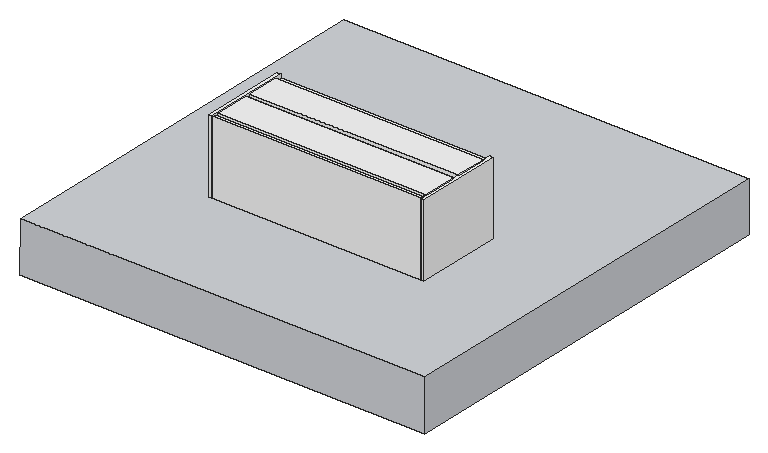
Revit family "IS_ConnectAir_E0824_BIM_DE", category Plumbing Fixtures, host Face, Revit 2014
Parameters (values of type "E0824B2 - Connect Air wall mounted double vanity unit with 4 drawer(Glossy White+Matt White)")
  WarrantyStartDate [instance] = "1900-12-31T23:59:59"
  WarrantyGuarantorParts = "n/a"
  WarrantyGuarantorLabor = "n/a"
  WarrantyDurationUnit = "year"
  WarrantyDurationParts = "n/a"
  WarrantyDurationLabor = "n/a"
  WarrantyDescription = "Manufacturers Warranty"
  VolumeUnits = "Litres"
  Version = "1"
  Uniclass2015Version = "Products v1.1"
  Uniclass2015Title = "Bathroom integrated furniture"
  Uniclass2015Code = "Pr_40_30_78_05"
  URL = "www.idealstandard.com"
  Type Comments = "n/a"
  TagNumber [instance] = "n/a"
  TMV3 = no
  SustainabilityPerformance = "n/a"
  SpareParts = "www.idealstandard.de/ersatzteile"
  Space = "Internal"
  Size = "1300x440x517mm"
  Shape = "Rectangular"
  SerialNumber [instance] = "n/a"
  Revision = "n/a"
  ReplacementCost = "n/a"
  ProductInformation = "www.idealstandard.de/produkte"
  Phone = "+49228 5210"
  NominalWidth = 1300 mm
  NominalLength = 440 mm
  NominalHeight = 517 mm
  NominalDepth = 0 mm
  NettWeight = "55,6 kg"
  Name = "BathroomIntegratedFurniture_ConnectAir_E0824B2_IdealStandard"
  NBSTypeID = "n/a"
  NBSReference = "45-35-72/320"
  NBSOfficeMasterTag = "n/a"
  NBSNote = "n/a"
  NBSDescription = "Bathroom integrated furniture"
  NBSCertification = "n/a"
  ModelReference = Description  # "E0824B2 Connect Air wall mounted double vanity unit with 4 drawer"
  ModelNumber = Model  # "E0824B2"
  ManufacturerURL = "www.idealstandard.com"
  MainColor = ISI_IdealStandard_Laminate_White_Render
  LinearUnits = "millimeters"
  Keynote = "n/a"
  InstallationInstructions = "www.idealstandard.de\\produkte"
  InstallationDate [instance] = "1900-12-31T23:59:59"
  InnerColor = ISI_IdealStandard_Laminate_White_Render
  IfcExportType = "FURNITURE"
  IfcExportAs = "IfcFurnitureType"
  Help = "idealstandard.de@idealstandard.com"
  GrossWeight = "0"
  Grade = "n/a"
  Finish = "Glossy White+Matt White"
  Features = "Connect Air wall mounted double vanity unit with 4 drawer"
  ExpectedLife = "25"
  DurationUnit = "year"
  CurrencyUnit = "n/a"
  CreatedOn = "2016-10-27"
  Constituents = "n/a"
  ConnectionType = "Mechanic"
  Color = "Glossy White+Matt White"
  CodePerformance = "n/a"
  Category = "FURNITURE"
  Reference = "n/a"
  Model = "E0824B2"
  Manufacturer = "idealstandard.de@idealstandard.com"
  Description = "E0824B2 Connect Air wall mounted double vanity unit with 4 drawer"
  Default Elevation = 800 mm
  Brand = "Ideal Standard"
  BarCode = "5017830519324"
  BIMObjectName = "ISI_IdealStandard_BathroomIntegratedFurniture_ConnectAir_E0824B2"
  Author = "Ideal Standard GmbH"
  AssetType = "Fixed"
  AssetIdentifier [instance] = "n/a"
  Assembly Code = "C1030200"
  AreaUnits = "millimeters"
  AreaMeasurement = "n/a"
  Accessories = "www.idealstandard.de\\ersatzteile"
  AccessibilityPerformance = "n/a"
Types (6, lengths in mm): name | Name | ModelReference | ModelNumber | MainColor | InnerColor | Finish | Color | Model | Description | BarCode | BIMObjectName
  E0824B2 - Connect Air wall mounted double vanity unit with 4 drawer(Glossy White+Matt White) | "BathroomIntegratedFurniture_ConnectAir_E0824B2_IdealStandard" | "E0824B2 Connect Air wall mounted double vanity unit with 4 drawer" | "E0824B2" | ISI_IdealStandard_Laminate_White_Render | ISI_IdealStandard_Laminate_White_Render | "Glossy White+Matt White" | "Glossy White+Matt White" | "E0824B2" | "E0824B2 Connect Air wall mounted double vanity unit with 4 drawer" | "5017830519324" | "ISI_IdealStandard_BathroomIntegratedFurniture_ConnectAir_E0824B2"
  E0824EQ - Connect Air wall mounted double vanity unit with 4 drawer(Glossy Light Grey+Matt White) | "BathroomIntegratedFurniture_ConnectAir_E0824EQ_IdealStandard" | "E0824EQ Connect Air wall mounted double vanity unit with 4 drawer" | "E0824EQ" | ISI_IdealStandard_Furniture_Grey_Render | ISI_IdealStandard_Laminate_White_Render | "Glossy Light Grey+Matt White" | "Glossy Light Grey+Matt White" | "E0824EQ" | "E0824EQ Connect Air wall mounted double vanity unit with 4 drawer" | "5017830519331" | "ISI_IdealStandard_BathroomIntegratedFurniture_ConnectAir_E0824EQ"
  E0824KN - Connect Air wall mounted double vanity unit with 4 drawer(Glossy White+Matt Light Grey) | "BathroomIntegratedFurniture_ConnectAir_E0824KN_IdealStandard" | "E0824KN Connect Air wall mounted double vanity unit with 4 drawer" | "E0824KN" | ISI_IdealStandard_Laminate_White_Render | ISI_IdealStandard_Furniture_Grey_Render | "Glossy White+Matt Light Grey" | "Glossy White+Matt Light Grey" | "E0824KN" | "E0824KN Connect Air wall mounted double vanity unit with 4 drawer" | "5017830519348" | "ISI_IdealStandard_BathroomIntegratedFurniture_ConnectAir_E0824KN"
  E0824PS - Connect Air wall mounted double vanity unit with 4 drawer(Wood Light Grey+Matt White) | "BathroomIntegratedFurniture_ConnectAir_E0824PS_IdealStandard" | "E0824PS Connect Air wall mounted double vanity unit with 4 drawer" | "E0824PS" | ISI_IdealStandard_Furniture_WoodLightGrey_Render | ISI_IdealStandard_Laminate_White_Render | "Wood Light Grey+Matt White" | "Wood Light Grey+Matt White" | "E0824PS" | "E0824PS Connect Air wall mounted double vanity unit with 4 drawer" | "5017830519355" | "ISI_IdealStandard_BathroomIntegratedFurniture_ConnectAir_E0824PS"
  E0824UK - Connect Air wall mounted double vanity unit with 4 drawer(Wood Light Brown+Matt Lt Brown) | "BathroomIntegratedFurniture_ConnectAir_E0824UK_IdealStandard" | "E0824UK Connect Air wall mounted double vanity unit with 4 drawer" | "E0824UK" | ISI_IdealStandard__WoodLightBrown_Render | ISI_IdealStandard__WoodLightBrown_Render | "Wood Light Brown+Matt Lt Brown" | "Wood Light Brown+Matt Lt Brown" | "E0824UK" | "E0824UK Connect Air wall mounted double vanity unit with 4 drawer" | "5017830519362" | "ISI_IdealStandard_BathroomIntegratedFurniture_ConnectAir_E0824UK"
  E0824VY - Connect Air wall mounted double vanity unit with 4 drawer(Matt Dark Brown+Matt White) | "BathroomIntegratedFurniture_ConnectAir_E0824VY_IdealStandard" | "E0824VY Connect Air wall mounted double vanity unit with 4 drawer" | "E0824VY" | ISI_IdealStandard_Furniture_DarkBrown_Render | ISI_IdealStandard_Laminate_White_Render | "Matt Dark Brown+Matt White" | "Matt Dark Brown+Matt White" | "E0824VY" | "E0824VY Connect Air wall mounted double vanity unit with 4 drawer" | "5017830519379" | "ISI_IdealStandard_BathroomIntegratedFurniture_ConnectAir_E0824VY"
Reference planes
  plane 1 "Center (Front/Back)": y = 0
  plane 2: z = 0
  plane 3 "Center (Left/Right)": x = 0
  plane 4: y = -517
  plane 5: z = 440
  plane 6: x = 650
  plane 7: x = -650
  plane 8: x = -630
  plane 9: z = 420
  plane 10: y = -497
  plane 11: z = 400
  plane 12: y = -40
  plane 13: y = -235
  plane 14: y = -270
  plane 15: y = -480
Forms (mm)
  Extrusion 1, solid
    sketch origin (9.2, -16.2, 0) x (1, 0, 0) y (0, 1, 0)
      loop
        line (-1219.2, 1219.2) -> (-1219.2, -1219.2) -> (1219.2, -1219.2) -> (1219.2, 1219.2) -> (-1219.2, 1219.2)
    from 0 to -304.8
  Extrusion 2, solid, material "ISI_IdealStandard_Laminate_White_Render" <- "MainColor"
    sketch origin (-650, -517, 1219.2) x (0, -1, 0) y (0, 0, 1)
      loop
        line (-517, -1219.2) -> (0, -1219.2) -> (0, -779.2) -> (-517, -779.2) -> (-517, -1219.2)
    from 0 to -20
  Extrusion 3, solid, material "ISI_IdealStandard_Laminate_White_Render" <- "MainColor"
    sketch origin (650, -517, 1219.2) x (0, -1, 0) y (0, 0, -1)
      loop
        line (-517, 1219.2) -> (-517, 779.2) -> (0, 779.2) -> (0, 1219.2) -> (-517, 1219.2)
    from 0 to -20
  Extrusion 4, solid, material "ISI_IdealStandard_Laminate_White_Render" <- "MainColor"
    sketch origin (650, -4572, 420) x (0, -1, 0) y (-1, 0, 0)
      loop
        line (-4055, 20) -> (-4055, 1280) -> (-4075, 1280) -> (-4075, 20) -> (-4055, 20)
    from -20 to 420
  Extrusion 5, solid, material "ISI_IdealStandard_Laminate_White_Render" <- "InnerColor"
    sketch origin (650, -4572, 420) x (0, -1, 0) y (-1, 0, 0)
      loop
        line (-4075, 1280) -> (-4572, 1280) -> (-4572, 20) -> (-4075, 20) -> (-4075, 1280)
    from 0 to 20
  Extrusion 6, solid, material "ISI_IdealStandard_Laminate_White_Render" <- "MainColor"
    sketch origin (650, -4572, 420) x (0, -1, 0) y (-1, 0, 0)
      loop
        line (-4532, 20) -> (-4337, 20) -> (-4337, 1280) -> (-4532, 1280) -> (-4532, 20)
      loop
        line (-4302, 20) -> (-4092, 20) -> (-4092, 1280) -> (-4302, 1280) -> (-4302, 20)
    from 0 to -20
Dimensions and locks
  "NominalHeight": plane 1 "Center (Front/Back)" to Extrusion 2
  "NominalLength": Extrusion 2 to Extrusion 1
  "NominalWidth": plane 7 to plane 6
  aligned and locked: plane 2 to Extrusion 1
  aligned and locked: level to Extrusion 1
  aligned and locked: Extrusion 2 sketch curve to Extrusion 1
  aligned and locked: Extrusion 2 sketch curve to plane 1 "Center (Front/Back)"
  aligned and locked: Extrusion 2 sketch curve to plane 5
  aligned and locked: Extrusion 2 sketch curve to plane 4
  aligned and locked: Extrusion 2 to plane 8
  aligned and locked: Extrusion 4 sketch curve to Extrusion 3
  aligned and locked: Extrusion 4 sketch curve to plane 8
  aligned and locked: Extrusion 4 to plane 10
  aligned and locked: Extrusion 5 sketch curve to Extrusion 4  (x2)
  aligned and locked: Extrusion 3 to Extrusion 5 sketch curve  (x2)
  aligned and locked: Extrusion 5 to plane 11
  aligned and locked: Extrusion 6 sketch curve to plane 14
  aligned and locked: Extrusion 3 to Extrusion 6 sketch curve
  aligned and locked: Extrusion 6 sketch curve to plane 15
  aligned and locked: plane 8 to Extrusion 6 sketch curve
Automatic sketch dimensions
  Extrusion 1 sketch curve to Extrusion 1 sketch curve = 2438.4 mm  (x2)
  Extrusion 3 sketch curve to plane 1 "Center (Front/Back)" = 0 mm
  Extrusion 3 sketch curve to plane 4 = 0 mm
  Extrusion 3 sketch curve to plane 5 = 0 mm
  Extrusion 3 sketch curve to level = 0 mm
  plane 10 to Extrusion 4 sketch curve = 0 mm
  Extrusion 4 sketch curve to plane 4 = 0 mm
  Extrusion 6 sketch curve to plane 8 = 0 mm
  Extrusion 6 sketch curve to plane 12 = 0 mm
  Extrusion 6 sketch curve to plane 13 = 0 mm
  plane 6 to Extrusion 6 sketch curve = 20 mm
